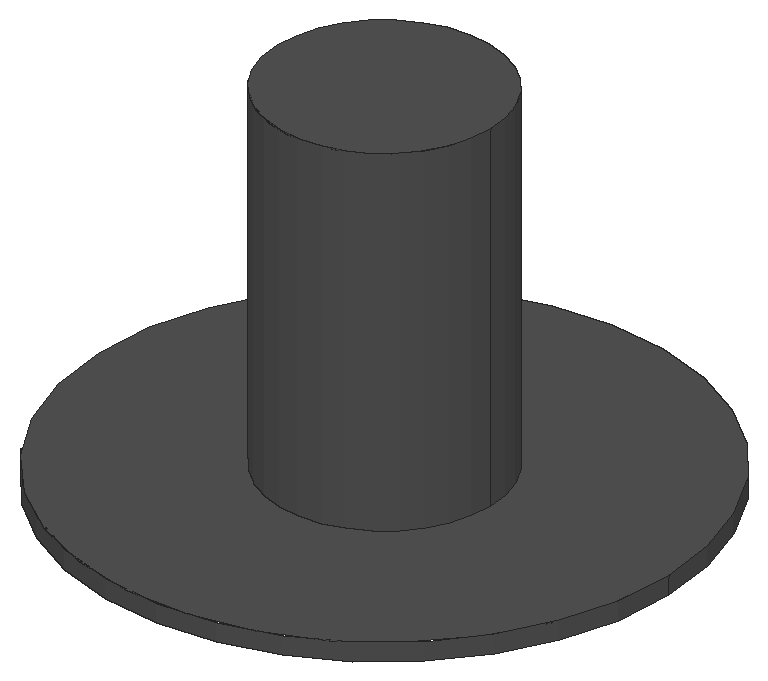
Revit family "CL60025-B_ROUND WALL HOOK", category Specialty Equipment, host Face, Revit 2015
Parameters (values of type "ROUND WALL HOOK BLACK")
  URL = "https://www.clark.com.au/"
  Model = "CL60025.B"
  Material_Base = GWA-Metal-Black
  Manufacturer = "GWA Bathrooms & Kitchens"  # constant formula
  Description = "ROUND WALL HOOK BLACK"
  Default Elevation = 900 mm
  CreatedBy_ANZRS = "GWA Bathrooms & Kitchens"  # constant formula
  Assembly Code = "C1030200"
Types (4, lengths in mm): name | Model | Material_Base | Description
  (no name) | "CL60025.B" | GWA-Metal-Black | "ROUND WALL HOOK BLACK"
  ROUND WALL HOOK CHROME | "CL60025.C" | GWA_Metal-Chrome | "ROUND WALL HOOK CHROME"
  ROUND WALL HOOK BLACK | "CL60025.B" | GWA-Metal-Black | "ROUND WALL HOOK BLACK"
  ROUND WALL HOOK WHITE | "CL60025.W" | GWA-Metal-White | "ROUND WALL HOOK WHITE"
Reference planes
  plane 1 "Center (Front/Back)": y = 0
  plane 2: z = 0
  plane 3 "Center (Left/Right)": x = 0
Forms (mm)
  Extrusion 1, solid, material "GWA-Metal-Black" <- "Material_Base"
    sketch origin (0, 0, 0) x (1, 0, 0) y (0, 1, 0)
      loop
        circle (0, 0) r 40
    from 0 to 2.5
  Extrusion 2, solid, material "GWA-Metal-Black" <- "Material_Base"
    sketch origin (0, 0, 0) x (1, 0, 0) y (0, 1, 0)
      loop
        circle (0, 0) r 15
    from 2.5 to 50
Lines and regions (mm)
  Masking region 1
    outline origin (0, 0, 0) x (1, 0, 0) y (0, 1, 0)
      loop
        circle (0, 0) r 40
  Masking region 2
    outline origin (0, 0, 0) x (1, 0, 0) y (0, 0, 1)
      loop
        line (15, 50) -> (-15, 50) -> (-15, 2.5) -> (-40, 2.5) -> (-40, 0) -> (40, 0) -> (40, 2.5) -> (15, 2.5) -> (15, 50)
  Masking region 3
    outline origin (0, 0, 0) x (0, 1, 0) y (0, 0, 1)
      loop
        line (15, 50) -> (-15, 50) -> (-15, 2.5) -> (-40, 2.5) -> (-40, 0) -> (40, 0) -> (40, 2.5) -> (15, 2.5) -> (15, 50)
  symbolic lines
    curve 1: circle (0, 0, 0) r 15 normal (0, 0, 1)
    curve 2: line (15, 0, 2.5) -> (-15, 0, 2.5)
    curve 3: line (0, 15, 2.5) -> (0, -15, 2.5)
Dimensions and locks
  aligned and locked: plane 2 to host face
  aligned and locked: level to host face
